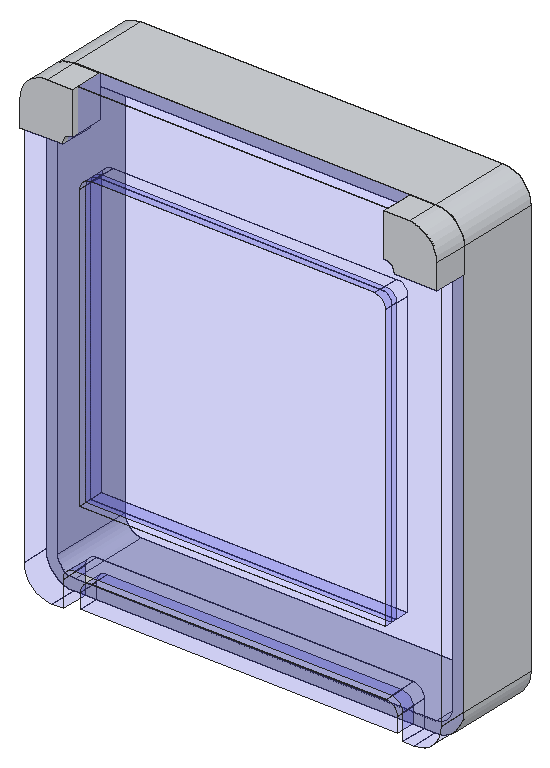
Revit family "Domotics-SerieCivili-GEWISS-27COMBIIN_SYSTEM-IP65_CALOTTA_2M", category Apparecchi elettrici, Revit 2016
Family settings
  Mantenere orientamento annotazione = No
  Tipo di parte = Normale
  Quota connettore circolare = Usa diametro
  Numero OmniClass = 23.80.30.14.24
  Titolo OmniClass = Junction Boxes
  Basato su piano di lavoro = No
  Sempre verticale = Sì
  Taglio con vuoti quando caricato = No
  Condiviso = No
  Punto di calcolo locali = No
Parameters (values of type "GW27403 - Calotta stagna portella rigida 2 posti IP65")
  Viti coperchio = "Acciaio inox"
  Vetro Sportello = Vetro
  Versione file RFA = "19.4"
  URL = "https://www.gewiss.com/it/it"
  Tipo portella = "Rigida IK09"
  Termopressione con biglia = "70 °C"
  Temperatura di installazione = "-25 +60 °C"
  Scheda Tecnica = "https://www.gewiss.com/it/it/search?q=GW27403"
  SEO = "Calotta"
  Resistenza agli urti = "IK09"
  Profondità = 20 mm
  Produttore = "GEWISS S.p.A."
  Norma di riferimento: = "EN 60669-1"
  Norma di riferimento = "EN 60669-1"
  N. moduli SYSTEM = "2"
  Modello = "GW27403"
  Lunghezza = 85 mm
  Larghezza = 75 mm
  Immagine tipo = GW27403.jpg
  IFC.TypeObject = ""
  IFC.ExportType = ""
  IFC.ExportAs = ""
  IDT = "428b0478-5cd0-4e39-b324-3b7b05b338cb"
  IDF = "1318ab41-dd95-4df6-a8de-c85cd3ac870c"
  Grado di protezione = "IP65"
  Glow Wire Test = "650°C"
  Finitura = none
  Dimensioni BxH (mm) = "75x85"
  Descrizione = "CALOTTA STAGNA PORT. RIGIDA 2 POSTI IP65"
  Creato da GEWISS S.p.A. = ""
  Coppia serraggio viti = "0,8NM"
  Colore portella = "Trasparente fume'"
  Colore = "Grigio RAL 7035"
  Codice Electrocod = "0220"
  Codice EAN = "8011564789913"
  Classe isolamento = "II"
  Catalogo Serie = "27COMBI"
  Catalogo = "DOMOTICS"
  COBie.Tagnumber = ""
  COBie.CreatedOn = ""
  COBie.CreatebBy = ""
  COBie.ComponentRegisterItemID = ""
  COBie.Component.TagNumber = ""
  COBie.Component.Space = ""
  COBie.Component.SerialNumber = ""
  COBie.Component.InstallationDate = ""
  COBie.Component.Description = ""
  COBie.Component.BarCode = ""
  Altezza da terra = 850 mm
Types (2, lengths in mm): name | URL | Produttore | Modello | Descrizione
  (no name) | 0 | 0 | 0 | 0
  GW27403 - Calotta stagna portella rigida 2 posti IP65 | "https://www.gewiss.com/it/it" | "GEWISS S.p.A." | "GW27403" | "CALOTTA STAGNA PORT. RIGIDA 2 POSTI IP65"
Values of the unnamed type that differ from the named types
  Viti coperchio = ""
  Versione file RFA = ""
  Tipo portella = ""
  Termopressione con biglia = ""
  Temperatura di installazione = ""
  Scheda Tecnica = ""
  SEO = ""
  Resistenza agli urti = ""
  Norma di riferimento: = ""
  Norma di riferimento = ""
  N. moduli SYSTEM = ""
  IDT = ""
  IDF = ""
  Grado di protezione = ""
  Glow Wire Test = ""
  Dimensioni BxH (mm) = ""
  Coppia serraggio viti = ""
  Colore portella = ""
  Colore = ""
  Codice Electrocod = ""
  Codice EAN = ""
  Classe isolamento = ""
  Catalogo Serie = ""
  Catalogo = ""
Reference planes
  plane 1 "Centro (Fronte/Retro)": y = 0
  plane 2: z = 0
  plane 3 "Centro (Sinistra/Destra)": x = 0
  plane 4: z = 850
  plane 5: x = -37.5
  plane 6: x = 37.5
  plane 7: z = 935
  plane 8: y = 20
  plane 9 "Lato Posteriore Sportello": y = 5
  plane 10: x = -27.5
  plane 11: x = 27.5
  plane 12: z = 867.5
  plane 13 "Lato Interno Vetro": y = 2.5
  plane 14: y = 1.396
  plane 15: y = -1
Forms (mm)
  Extrusion 1, solid, material <- "Finitura"
    sketch origin (0, 5, 0) x (0, 0, 1) y (1, 0, 0)
      loop
        line (935, -32.5) -> (935, 32.5)
        arc (935, 32.5) -> (933.536, 36.036) -> (930, 37.5) r 5
        line (930, 37.5) -> (855, 37.5)
        arc (855, 37.5) -> (851.464, 36.036) -> (850, 32.5) r 5
        line (850, 32.5) -> (850, -32.5)
        arc (850, -32.5) -> (851.464, -36.036) -> (855, -37.5) r 5
        line (855, -37.5) -> (930, -37.5)
        arc (930, -37.5) -> (933.536, -36.036) -> (935, -32.5) r 5
      loop
        line (855, -35.5) -> (930, -35.5)
        arc (930, -35.5) -> (932.121, -34.621) -> (933, -32.5) r 3
        line (933, -32.5) -> (933, 32.5)
        arc (933, 32.5) -> (932.121, 34.621) -> (930, 35.5) r 3
        line (930, 35.5) -> (855, 35.5)
        arc (855, 35.5) -> (852.879, 34.621) -> (852, 32.5) r 3
        line (852, 32.5) -> (852, -32.5)
        arc (852, -32.5) -> (852.879, -34.621) -> (855, -35.5) r 3
    from 0 to 15
  Extrusion 2, solid, material "Vetro" <- "Vetro Sportello"
    sketch origin (0, 5, 0) x (0, 0, 1) y (1, 0, 0)
      loop
        line (935, -27.914) -> (935, 27.914) -> (927.415, 27.914)
        arc (927.415, 27.914) -> (926.861, 29.251) -> (925.525, 29.804) r 1.89
        line (925.525, 29.804) -> (925.525, 37.5) -> (855, 37.5)
        arc (855, 37.5) -> (851.464, 36.036) -> (850, 32.5) r 5
        line (850, 32.5) -> (850, 30.496) -> (854.753, 30.496)
        arc (854.753, 30.496) -> (856.167, 29.91) -> (856.753, 28.496) r 2
        line (856.753, 28.496) -> (856.753, -28.496)
        arc (856.753, -28.496) -> (856.167, -29.91) -> (854.753, -30.496) r 2
        line (854.753, -30.496) -> (850, -30.496) -> (850, -32.5)
        arc (850, -32.5) -> (851.464, -36.036) -> (855, -37.5) r 5
        line (855, -37.5) -> (925.525, -37.5) -> (925.525, -29.804)
        arc (925.525, -29.804) -> (926.861, -29.251) -> (927.415, -27.914) r 1.89
        line (927.415, -27.914) -> (935, -27.914)
      loop
        line (920.5, -25.5) -> (920.5, 25.5)
        arc (920.5, 25.5) -> (919.914, 26.914) -> (918.5, 27.5) r 2
        line (918.5, 27.5) -> (867.5, 27.5) -> (867.5, -27.5) -> (918.5, -27.5)
        arc (918.5, -27.5) -> (919.914, -26.914) -> (920.5, -25.5) r 2
    from 0 to -5
  Extrusion 3, solid, material "Vetro" <- "Vetro Sportello"
    sketch origin (0, 5, 0) x (0, 0, 1) y (1, 0, 0)
      loop
        line (850, -28.496) -> (852.753, -28.496)
        arc (852.753, -28.496) -> (854.167, -27.91) -> (854.753, -26.496) r 2
        line (854.753, -26.496) -> (854.753, 26.496)
        arc (854.753, 26.496) -> (854.167, 27.91) -> (852.753, 28.496) r 2
        line (852.753, 28.496) -> (850, 28.496) -> (850, -28.496)
    from 0 to -3.604
  Extrusion 4, solid, material "Vetro" <- "Vetro Sportello"
    sketch origin (0, 2.5, 0) x (0, 0, 1) y (1, 0, 0)
      loop
        line (920.5, -25.5) -> (920.5, 25.5)
        arc (920.5, 25.5) -> (919.914, 26.914) -> (918.5, 27.5) r 2
        line (918.5, 27.5) -> (867.5, 27.5) -> (867.5, -27.5) -> (918.5, -27.5)
        arc (918.5, -27.5) -> (919.914, -26.914) -> (920.5, -25.5) r 2
    from 0 to -1.104
  Extrusion 5, solid, material <- "Finitura"
    sketch origin (0, 5, 0) x (0, 0, 1) y (1, 0, 0)
      loop
        line (935, -32.5) -> (935, -27.914) -> (927.415, -27.914)
        arc (927.415, -27.914) -> (926.861, -29.251) -> (925.525, -29.804) r 1.89
        line (925.525, -29.804) -> (925.525, -37.5) -> (930, -37.5)
        arc (930, -37.5) -> (933.536, -36.036) -> (935, -32.5) r 5
    from 0 to -6
  Extrusion 6, solid, material <- "Finitura"
    sketch origin (0, 5, 0) x (0, 0, 1) y (1, 0, 0)
      loop
        line (935, 27.914) -> (935, 32.5)
        arc (935, 32.5) -> (933.536, 36.036) -> (930, 37.5) r 5
        line (930, 37.5) -> (925.525, 37.5) -> (925.525, 29.804)
        arc (925.525, 29.804) -> (926.861, 29.251) -> (927.415, 27.914) r 1.89
        line (927.415, 27.914) -> (935, 27.914)
    from 0 to -6
Lines and regions (mm)
  model lines
    curve 1: arc (-32.5, 0, 935) -> (-36.036, 0, 933.536) -> (-37.5, 0, 930) r 5
    curve 2: arc (37.5, 0, 930) -> (36.036, 0, 933.536) -> (32.5, 0, 935) r 5
    curve 5: arc (-27.914, 0, 927.415) -> (-29.251, 0, 926.861) -> (-29.804, 0, 925.525) r 1.89
    curve 6: arc (29.804, 0, 925.525) -> (29.251, 0, 926.861) -> (27.914, 0, 927.415) r 1.89
    curve 7: line (-32.5, 0, 935) -> (32.5, 0, 935)
    curve 8: line (-37.5, 0, 855) -> (-37.5, 0, 930)
    curve 13: line (-37.5, 0, 925.525) -> (-29.804, 0, 925.525)
    curve 14: line (-27.914, 0, 935) -> (-27.914, 0, 927.415)
    curve 16: line (27.914, 0, 927.415) -> (27.914, 0, 935)
    curve 17: line (37.5, 0, 925.525) -> (29.804, 0, 925.525)
  model lines, detail levels medium+fine
    curve 3: circle (-32.5, 5, 930) r 2 normal (0, -1, 0)
    curve 4: circle (32.5, 0, 930) r 2 normal (0, -1, 0)
    curve 15: line (-27.914, 0, 927.415) -> (27.914, 0, 927.415)
  model lines, detail levels fine
    curve 9: line (-34.412, 5, 929.413) -> (-31.2, 5, 931.52)
    curve 10: line (-33.972, 5, 928.646) -> (-30.672, 5, 930.81)
    curve 11: line (34.412, 0, 929.413) -> (31.2, 0, 931.52)
    curve 12: line (33.972, 0, 928.646) -> (30.672, 0, 930.81)
Dimensions and locks
  "Lunghezza": plane 7 to plane 4
  equal spacing: plane 6, plane 3 "Centro (Sinistra/Destra)", plane 5
  "Larghezza": plane 6 to plane 5
  "Altezza da terra": plane 4 to level
  "Profondità": plane 1 "Centro (Fronte/Retro)" to plane 8
  locked: plane 1 "Centro (Fronte/Retro)" to plane 9 "Lato Posteriore Sportello" at 5
  locked: plane 11 to plane 6 at 10
  locked: plane 10 to plane 5 at 10
  locked: plane 12 to plane 4 at 17.5
  locked: plane 14 to plane 13 "Lato Interno Vetro" at 1.104
  plane 15 to plane 1 "Centro (Fronte/Retro)" = 1 mm
  aligned and locked: level to plane 2
  aligned and locked: plane 7 to curve 7
  aligned and locked: plane 5 to curve 8
  aligned and locked: plane 8 to Extrusion 1
  aligned and locked: plane 5 to Extrusion 2 sketch curve
  aligned and locked: plane 6 to Extrusion 2 sketch curve
  aligned and locked: Extrusion 2 sketch curve to plane 7
  aligned and locked: plane 4 to Extrusion 2 sketch curve  (x2)
  aligned and locked: plane 1 "Centro (Fronte/Retro)" to Extrusion 2
  aligned and locked: Extrusion 3 to plane 14
  aligned and locked: plane 10 to Extrusion 4 sketch curve
  aligned and locked: plane 11 to Extrusion 4 sketch curve
  aligned and locked: plane 12 to Extrusion 4 sketch curve
  aligned and locked: Extrusion 4 to plane 14
  aligned and locked: plane 10 to Extrusion 2 sketch curve
  aligned and locked: plane 12 to Extrusion 2 sketch curve
  aligned and locked: plane 11 to Extrusion 2 sketch curve
  aligned and locked: Extrusion 5 sketch curve to plane 7
  aligned and locked: Extrusion 5 to plane 15
  aligned and locked: Extrusion 6 sketch curve to plane 7
  aligned and locked: plane 6 to Extrusion 6 sketch curve
  aligned and locked: Extrusion 6 to plane 15
Automatic sketch dimensions
  curve 2 to curve 4 = 0 mm  (x2)
  curve 1 to curve 13 = 2.696 mm
  curve 5 to curve 5 = 1.89 mm
  curve 6 to curve 17 = 1.89 mm
  curve 4 to curve 2 = 5 mm
  curve 12 to curve 2 = 1.828 mm
  curve 11 to plane 7 = 3.48 mm
  curve 12 to curve 11 = 0.528 mm
  curve 2 to curve 12 = 1.472 mm
  curve 12 to curve 11 = 0.44 mm
  plane 4 to Extrusion 2 sketch curve = 5 mm  (x2)
  Extrusion 2 sketch curve to plane 7 = 9.475 mm
  Extrusion 2 sketch curve to plane 10 = 0.414 mm
  Extrusion 2 sketch curve to Extrusion 2 sketch curve = 1.89 mm  (x2)
  Extrusion 2 sketch curve to plane 11 = 0.414 mm
  Extrusion 2 sketch curve to plane 7 = 7.585 mm
  Extrusion 2 sketch curve to plane 10 = 0.996 mm
  Extrusion 2 sketch curve to Extrusion 2 sketch curve = 0.247 mm  (x2)
  Extrusion 2 sketch curve to Extrusion 2 sketch curve = 2 mm
  Extrusion 2 sketch curve to plane 11 = 0.996 mm
  Extrusion 3 sketch curve to plane 4 = 0 mm
  Extrusion 3 sketch curve to plane 10 = 0.996 mm
  Extrusion 3 sketch curve to Extrusion 3 sketch curve = 2.753 mm  (x2)
  Extrusion 3 sketch curve to plane 11 = 0.996 mm
  plane 11 to Extrusion 3 sketch curve = 1.004 mm
  Extrusion 4 sketch curve to plane 7 = 16.5 mm  (x2)
  plane 10 to Extrusion 4 sketch curve = 2 mm
  Extrusion 2 sketch curve to Extrusion 2 sketch curve = 7.025 mm  (x2)
  plane 11 to Extrusion 2 sketch curve = 2 mm
  Extrusion 5 sketch curve to Extrusion 5 sketch curve = 5 mm
  Extrusion 5 sketch curve to plane 10 = 0.414 mm
  Extrusion 5 sketch curve to Extrusion 5 sketch curve = 2.585 mm
  Extrusion 5 sketch curve to Extrusion 5 sketch curve = 1.89 mm
  Extrusion 5 sketch curve to plane 5 = 0 mm
  Extrusion 6 sketch curve to plane 11 = 0.414 mm
  Extrusion 6 sketch curve to Extrusion 6 sketch curve = 1.89 mm
  Extrusion 6 sketch curve to Extrusion 6 sketch curve = 4.475 mm
  Extrusion 6 sketch curve to Extrusion 6 sketch curve = 4.586 mm
  Extrusion 1 sketch curve to Extrusion 1 sketch curve = 0 mm  (x7)
  Extrusion 1 sketch curve to plane 4 = 0 mm
  plane 6 to Extrusion 1 sketch curve = 0 mm
  Extrusion 1 sketch curve to plane 5 = 0 mm
  Extrusion 1 sketch curve to plane 7 = 0 mm
  Extrusion 1 sketch curve to Extrusion 1 sketch curve = 2 mm
  Extrusion 1 sketch curve to Extrusion 1 sketch curve = 3 mm  (x4)
  plane 4 to curve 8 = 5 mm
  plane 6 to curve 17 = 0 mm
  plane 6 to curve 2 = 0 mm
  curve 16 to plane 11 = 0.414 mm
  curve 1 to curve 1 = 5 mm
  curve 13 to curve 1 = 4.475 mm
  curve 3 to plane 7 = 5 mm
  plane 5 to curve 3 = 5 mm
  curve 9 to curve 3 = 0.587 mm
  curve 10 to curve 9 = 0.767 mm
  curve 10 to curve 9 = 0.709 mm
  curve 9 to curve 10 = 0.44 mm
  curve 9 to curve 10 = 0.528 mm
